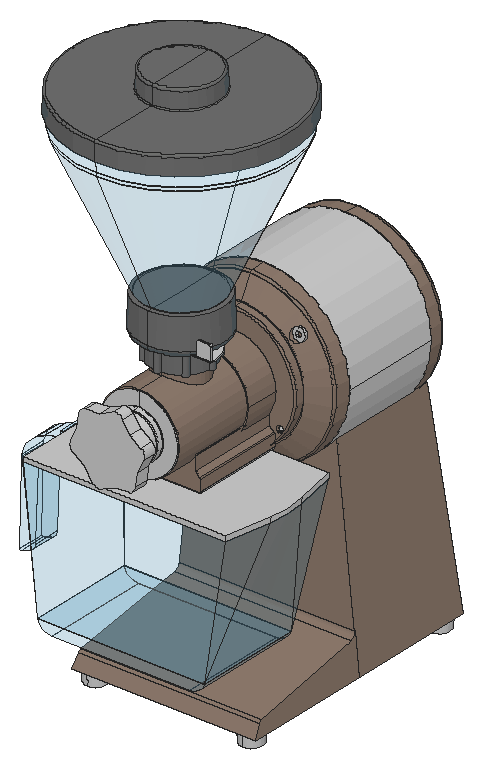
Revit family "QF_SANTOS_01P.181218024311", category Specialty Equipment, Revit 2015
Parameters (values of type "01P_230V/1Ph/50Hz")
  Volts = 230 V
  URL Cutsheet = ""
  URL = "www.santos.fr"
  Type Comments = "Easy to use and efficient, this grinder will give you a high quality grinding. Grinding adjustments: from extra fine to extra coarse. Precision grinding: Ø 63,5 mm grinding dics which are designed and manufactured by Santos for a high quality grinding, precise and fine. Powerful: commercial reliable induction motor. Hopper: 1 Kg. Capacity of the plastic drawer: 800 g (1,8 lbs). Average output: 14 Kg / hour"
  Status [instance] = ""
  Specification by User [instance] = ""
  Specification by Manufacturer [instance] = ""
  Seismic Rating = ""
  SMACNA No = ""
  Revision Code [instance] = ""
  Phase = 1
  Number of Poles = 2
  NAFEM Spec ID Number = ""
  Model = "01P"
  Min Ckt Ampacity = 0 A
  Max Overcurrent Protection = 0 A
  Masterspec = ""
  Manufacturer = "SANTOS"
  Length Actual = 210 mm
  Item Number [instance] = ""
  Installed By [instance] = ""
  Identify Quantity as Lot [instance] = no
  Height Actual = 550 mm
  HP power = " "
  Furnished By [instance] = ""
  Foodservice Equipment Identifier [instance] = no
  FL Amps = 2.61 A
  Electric power = 600 W
  Electric Connection Type [instance] = " "
  Elec Conn RI Height [instance] = 0 mm
  Elec Conn Connection Height [instance] = 10 mm
  Description = "PEPPER GRINDER WITH DRAWER 01P"
  Depth Actual = 330 mm
  Cycle = 50 Hz
  Conn Plug = " "
  Conn Conduit = no
  CSI MasterFormat = ""
  Apparent Power = 600 VA
  Accessory = no
Reference planes
  plane 1 "Center (Front/Back)": y = 0
  plane 2: z = 0
  plane 3 "Center (Left/Right)": x = 0
Forms (mm)
  Extrusion 1, solid
    sketch origin (35, -102, 10) x (1, 0, 0) y (0, 1, 0)
      loop
        line (0, 0) -> (2, 0) -> (2, 2) -> (0, 2) -> (0, 0)
    from 0 to 2
Dimensions and locks
  aligned and locked: level to plane 2
Nested families
  nested 1: "QF_SANTOS_01P_230V_1Ph_50Hz" at (0, 0, 0), type "01P_230V/1Ph/50Hz"
    with Show Logo yes, Show Clearance yes
Connectors
  electrical at (36, -100, 11), driven by "Apparent Power", driven by "Number of Poles", driven by "Volts"
    settings: on Extrusion 1, index 1, voltage 230 V, apparent load 0 VA, apparent load phase1 600 VA, apparent load phase2 0 VA, apparent load phase3 0 VA, power factor 1, load classification "Other", number of poles 2, system type 31, power factor state 1, is connector primary yes, connector utility no, sub classification motor no, connector description "Electric connection for '01P'"
Definition of nested family "QF_SANTOS_01P_230V_1Ph_50Hz"
  Parameters (values of type "01P_230V/1Ph/50Hz")
    URL = "www.santos.fr"
    Show Logo [instance] = yes
    Show Clearance [instance] = yes
    Model = "01P"
    Manufacturer = "Santos"
    Description = "PEPPER GRINDER WITH DRAWER 01P"
    Assembly Code = "E1090320"
  Reference planes
    plane 1 "Back": y = 0
    plane 2: z = 0
    plane 3 "Left": x = 0
    plane 4 "Right": x = 211.3
    plane 5 "Front": y = -334
    plane 6 "Top": z = 554.31
  Forms (mm)
    Revolve 1, solid
      sketch origin (106.313, 1.359, -0.056) x (0, -1, 0) y (0, 0, 1)
        loop
          arc (17.818, 340.945) -> (16.401, 340.504) -> (15.368, 339.439) r 3.007
          line (15.368, 339.439) -> (3.714, 319.254) -> (3.714, 259.247) -> (31.78, 259.247) -> (31.78, 341.676) -> (17.818, 340.945)
        axis (3.714, 259.247) -> (31.78, 259.247)
      angle from 0 to 360
    Extrusion 2, solid
      sketch origin (208.813, 5.779, 3.828) x (1, 0, 0) y (0, 0, 1)
        loop
          circle (-102.5, 255.362) r 82.486
      from 36.201 to 135
    Revolve 3, solid
      sketch origin (106.313, 0.109, 0.078) x (0, -1, 0) y (0, 0, 1)
        loop
          line (156.829, 320.122) -> (145.673, 339.445) -> (145.673, 259.112) -> (165.85, 259.112) -> (165.85, 317.25)
          arc (165.85, 317.25) -> (165.41, 318.313) -> (164.347, 318.753) r 1.504
          line (164.347, 318.753) -> (156.829, 318.753) -> (156.829, 320.122)
        axis (165.85, 259.112) -> (145.673, 259.112)
      angle from 0 to 360
    Revolve 4, solid
      sketch origin (106.313, 0.109, 0) x (0, -1, 0) y (0, 0, 1)
        loop
          line (143.226, 340.945) -> (129.329, 341.673) -> (129.329, 259.189) -> (145.673, 259.189) -> (145.673, 339.445)
          arc (145.673, 339.445) -> (144.64, 340.506) -> (143.226, 340.945) r 3.007
        axis (129.329, 259.189) -> (145.673, 259.189)
      angle from 0 to 360
    Revolve 5, solid
      sketch origin (181.313, 5.085, 0) x (0, -1, 0) y (0, 0, 1)
        loop
          line (254.278, 10.525) -> (243.25, 10.525) -> (243.25, 0) -> (253.911, 0) -> (254.278, 10.525)
        axis (243.25, 10.525) -> (243.25, 0)
      angle from 0 to 360
    Revolve 6, solid
      sketch origin (181.313, 231.95, 0) x (0, -1, 0) y (0, 0, 1)
        loop
          line (254.278, 10.525) -> (243.25, 10.525) -> (243.25, 0) -> (253.911, 0) -> (254.278, 10.525)
        axis (243.25, 10.525) -> (243.25, 0)
      angle from 0 to 360
    Revolve 7, solid
      sketch origin (30.725, 5.085, 0) x (0, -1, 0) y (0, 0, -1)
        loop
          line (254.278, -10.525) -> (253.911, 0) -> (243.25, 0) -> (243.25, -10.525) -> (254.278, -10.525)
        axis (243.25, -10.525) -> (243.25, 0)
      angle from 0 to 360
    Revolve 8, solid
      sketch origin (30.725, 231.95, 0) x (0, -1, 0) y (0, 0, -1)
        loop
          line (254.278, -10.525) -> (253.911, 0) -> (243.25, 0) -> (243.25, -10.525) -> (254.278, -10.525)
        axis (243.25, -10.525) -> (243.25, 0)
      angle from 0 to 360
    Extrusion 9, solid
      sketch origin (208.813, 0.109, 0) x (0, -1, 0) y (0, 0, 1)
        loop
          line (125.004, 210.549) -> (15.429, 210.549) -> (0.109, 10.525) -> (125.004, 10.525) -> (125.004, 210.549)
      from 0 to 213.974
    Extrusion 10, void
      sketch origin (208.813, 0.109, 0) x (1, 0, 0) y (0, 0, 1)
        loop
          line (-169.048, 210.549) -> (-261.86, 210.549) -> (-261.86, 10.014) -> (-192.321, 10.014) -> (-169.048, 210.549)
        loop
          line (-35.882, 210.549) -> (-14.005, 10.014) -> (55.534, 10.014) -> (55.534, 210.549) -> (-35.882, 210.549)
      from 0 to 265.428
    Extrusion 11, solid
      sketch origin (199.987, -176.328, -29.176) x (0.971625, 0.207921, -0.11276) y (-0.206534, 0.978146, 0.023969)
        loop
          line (-156.943, 160.046) -> (-158.414, 160.358) -> (-161.716, 159.285) -> (-168.08, 129.346) -> (-165.499, 127.023) -> (-164.029, 126.71) -> (-156.943, 160.046)
      from 51.831 to 108.966
    Extrusion 12, solid
      sketch origin (209.86, -27.372, 0.511) x (0, -1, 0) y (1, 0, 0)
        loop
          circle (15, -102.794) r 5
      from 7.308 to 10.014
    Extrusion 13, solid
      sketch origin (208.813, 5.361, 5.305) x (1, 0, 0) y (0, 0, 1)
        loop
          line (-80.324, 277.307) -> (-87.66, 288.319)
          arc (-87.66, 288.319) -> (-92, 291.876) -> (-97.573, 291.221) r 7.175
          line (-97.573, 291.221) -> (-109.784, 285.898) -> (-122.907, 285.054)
          arc (-122.907, 285.054) -> (-127.813, 282.713) -> (-130.377, 277.92) r 8.716
          line (-130.377, 277.92) -> (-131.833, 264.755) -> (-137.703, 252.897)
          arc (-137.703, 252.897) -> (-138.309, 247.434) -> (-135.26, 242.861) r 8.032
          line (-135.26, 242.861) -> (-124.599, 235.028) -> (-117.252, 224.005)
          arc (-117.252, 224.005) -> (-112.824, 220.75) -> (-107.339, 221.103) r 8.035
          line (-107.339, 221.103) -> (-95.216, 226.419) -> (-82.006, 227.27)
          arc (-82.006, 227.27) -> (-76.972, 229.478) -> (-74.536, 234.404) r 8.035
          line (-74.536, 234.404) -> (-73.078, 247.557) -> (-67.209, 259.427)
          arc (-67.209, 259.427) -> (-66.605, 264.89) -> (-69.653, 269.463) r 8.036
          line (-69.653, 269.463) -> (-80.324, 277.307)
      from 312.086 to 324.55
    Revolve 14, solid
      sketch origin (106.313, 0.109, -0.234) x (0, -1, 0) y (0, 0, 1)
        loop
          line (281.273, 278.72) -> (280.451, 278.72) -> (280.451, 296.424) -> (279.619, 296.424) -> (279.619, 259.424) -> (306.833, 259.424) -> (306.833, 285.693)
          arc (306.833, 285.693) -> (305.207, 281.998) -> (301.385, 280.701) r 5.012
          line (301.385, 280.701) -> (288.075, 281.865) -> (287.313, 282.504) -> (281.8, 282.793)
          arc (281.8, 282.793) -> (281.429, 282.656) -> (281.273, 282.292) r 0.501
          line (281.273, 282.292) -> (281.273, 278.72)
        axis (279.619, 259.424) -> (306.833, 259.424)
      angle from 0 to 360
    Extrusion 15, solid
      sketch origin (209.438, 0.109, 5.103) x (1, 0, 0) y (0, 0, 1)
        loop
          circle (-103.125, 254.088) r 38
      from 197.926 to 279.619
    Extrusion 16, solid
      sketch origin (209.438, 37.815, 5.103) x (1, 0, 0) y (0, 0, 1)
        loop
          circle (-103.125, 254.088) r 40
      from 203.557 to 235.633
    Extrusion 17, solid
      sketch origin (208.813, 0.109, 0) x (1, 0, 0) y (0, 0, 1)
        loop
          line (-63.907, 209.996) -> (-63.535, 211.47) -> (-63.535, 221.986)
          arc (-63.535, 221.986) -> (-63.687, 222.751) -> (-64.121, 223.4) r 2
          line (-64.121, 223.4) -> (-68.574, 227.854) -> (-68.574, 242.071)
          arc (-68.574, 242.071) -> (-102.5, 221.19) -> (-136.426, 242.071) r 38
          line (-136.426, 242.071) -> (-136.426, 227.854) -> (-140.879, 223.4)
          arc (-140.879, 223.4) -> (-141.313, 222.751) -> (-141.465, 221.986) r 2
          line (-141.465, 221.986) -> (-141.465, 211.47) -> (-141.093, 209.996) -> (-63.907, 209.996)
      from 165.85 to 255.061
    Revolve 18, solid
      sketch origin (105.65, 0.109, 0) x (0, -1, 0) y (0, 0, 1)
        loop
          line (228.498, 518.225) -> (228.498, 360.352) -> (265.338, 360.352) -> (265.744, 361.357) -> (330.746, 503.322)
          arc (330.746, 503.322) -> (331.399, 505.24) -> (331.653, 507.25) r 10.024
          line (331.653, 507.25) -> (331.921, 518.225) -> (228.498, 518.225)
        axis (228.498, 518.225) -> (228.498, 360.352)
      angle from 0 to 360
    Revolve 19, solid
      sketch origin (105.65, 0.109, 0) x (0, -1, 0) y (0, 0, 1)
        loop
          line (228.498, 554.31) -> (195.372, 554.31)
          arc (195.372, 554.31) -> (193.987, 553.736) -> (193.413, 552.351) r 1.959
          line (193.413, 552.351) -> (193.052, 537.247)
          arc (193.052, 537.247) -> (192.765, 536.554) -> (192.071, 536.267) r 0.98
          line (192.071, 536.267) -> (125.172, 536.267)
          arc (125.172, 536.267) -> (123.787, 535.693) -> (123.213, 534.308) r 1.959
          line (123.213, 534.308) -> (122.848, 518.225) -> (228.498, 518.225) -> (228.498, 554.31)
        axis (228.498, 554.31) -> (228.498, 518.225)
      angle from 0 to 360
    Extrusion 20, void
      sketch origin (208.813, 0.109, 0) x (1, 0, 0) y (0, 0, 1)
        loop
          circle (-50.977, 306.583) r 6.67
        loop
          circle (-155.343, 306.583) r 6.67
      from 149.714 to 162.559
    Extrusion 21, void
      sketch origin (208.813, 0.109, 0) x (1, 0, 0) y (0, 0, 1)
        loop
          circle (-148.626, 228.15) r 3.575
        loop
          circle (-57.694, 228.15) r 3.575
      from 160.132 to 171.809
    Extrusion 22, solid
      sketch origin (208.813, 0.109, 0) x (1, 0, 0) y (0, 0, 1)
        loop
          circle (-155.486, 306.726) r 6.25
        loop
          circle (-155.486, 306.726) r 3
        loop
          circle (-50.834, 306.726) r 6.25
        loop
          circle (-50.834, 306.726) r 3
      from 149.714 to 151.815
    Extrusion 23, solid
      sketch origin (208.813, 0.109, 0) x (1, 0, 0) y (0, 0, 1)
        loop
          circle (-148.626, 228.15) r 3.575
        loop
          circle (-148.626, 228.15) r 2.5
        loop
          circle (-57.694, 228.15) r 3.575
        loop
          circle (-57.694, 228.15) r 2.5
      from 160.132 to 163.989
    Extrusion 24, solid
      sketch origin (-2.011, -227.893, 334.535) x (-0.971625, -0.207921, 0.11276) y (-0.206534, 0.978146, 0.023969)
        loop
          line (-82.588, 158.772) -> (-86.02, 158.042) -> (-80.184, 130.589) -> (-76.753, 131.319) -> (-82.588, 158.772)
      from 231.54 to 283.663
    Extrusion 25, solid
      sketch origin (-2.011, -227.893, 334.535) x (-0.971625, -0.207921, 0.11276) y (-0.206534, 0.978146, 0.023969)
        loop
          line (-75.565, 154.628) -> (-81.442, 153.379) -> (-77.899, 136.711) -> (-72.014, 137.962)
          arc (-72.014, 137.962) -> (-70.119, 139.266) -> (-69.7, 141.528) r 3.007
          line (-69.7, 141.528) -> (-71.992, 152.313)
          arc (-71.992, 152.313) -> (-73.298, 154.212) -> (-75.565, 154.628) r 3.007
      from 241.564 to 273.64
    Extrusion 26, solid
      sketch origin (-48.829, -220.278, -0.3) x (0.993333, 0.00001, -0.115279) y (-0.115279, 0, -0.993333)
        loop
          line (55.679, -66.36) -> (51.928, -66.36) -> (53.679, -80.398) -> (53.679, -94.436) -> (55.679, -94.436) -> (55.679, -66.36)
      from 144.325 to 157.312
    Revolve 27, solid
      sketch origin (105.65, 0.109, 0) x (0, 1, 0) y (0, 0, 1)
        loop
          line (-228.498, 360.352) -> (-228.498, 324.266) -> (-193.131, 324.266)
          arc (-193.131, 324.266) -> (-188.823, 326.084) -> (-187.119, 330.438) r 6.014
          line (-187.119, 330.438) -> (-187.902, 360.352) -> (-228.498, 360.352)
        axis (-228.498, 360.352) -> (-228.498, 324.266)
      angle from 0 to 360
    Extrusion 28, solid
      sketch origin (208.813, 0.109, 0) x (0, -1, 0) y (0, 0, 1)
        loop
          line (125.004, 49.375) -> (125.004, 10.525) -> (250.3, 10.525) -> (243.71, 21.939)
          arc (243.71, 21.939) -> (242.537, 23.217) -> (240.935, 23.88) r 4.009
          line (240.935, 23.88) -> (129.981, 43.445)
          arc (129.981, 43.445) -> (126.411, 45.502) -> (125.004, 49.375) r 6.014
      from 0 to 213.974
    Extrusion 29, solid
      sketch origin (-39.187, 0.109, 0) x (1, 0, 0) y (0, 1, 0)
        loop
          arc (141.757, -199.39) -> (133.655, -201.453) -> (126.466, -205.723) r 29.273
          arc (126.466, -205.723) -> (122.082, -205.723) -> (122.082, -210.107) r 3.1
          arc (122.082, -210.107) -> (117.812, -217.296) -> (115.749, -225.398) r 29.273
          arc (115.749, -225.398) -> (112.649, -228.498) -> (115.749, -231.598) r 3.1
          arc (115.749, -231.598) -> (117.812, -239.701) -> (122.082, -246.889) r 29.273
          arc (122.082, -246.889) -> (122.082, -251.273) -> (126.466, -251.273) r 3.1
          arc (126.466, -251.273) -> (133.655, -255.543) -> (141.757, -257.607) r 29.273
          arc (141.757, -257.607) -> (144.857, -260.707) -> (147.957, -257.607) r 3.1
          arc (147.957, -257.607) -> (156.06, -255.543) -> (163.248, -251.273) r 29.273
          arc (163.248, -251.273) -> (167.632, -251.273) -> (167.632, -246.889) r 3.1
          arc (167.632, -246.889) -> (171.902, -239.701) -> (173.966, -231.598) r 29.273
          arc (173.966, -231.598) -> (177.066, -228.498) -> (173.966, -225.398) r 3.1
          arc (173.966, -225.398) -> (171.902, -217.296) -> (167.632, -210.107) r 29.273
          arc (167.632, -210.107) -> (167.632, -205.723) -> (163.248, -205.723) r 3.1
          arc (163.248, -205.723) -> (156.06, -201.453) -> (147.957, -199.39) r 29.273
          arc (147.957, -199.39) -> (144.857, -196.29) -> (141.757, -199.39) r 3.1
      from 303.217 to 324.266
    Revolve 30, solid
      sketch origin (105.65, 0.109, 0) x (0, 1, 0) y (0, 0, 1)
        loop
          line (-204.666, 303.217) -> (-228.498, 303.217) -> (-228.498, 284.872) -> (-204.666, 284.872) -> (-204.666, 303.217)
        axis (-228.498, 303.217) -> (-228.498, 284.872)
      angle from 0 to 360
    Extrusion 31, solid
      sketch origin (-39.187, 0.109, -6.02) x (1, 0, 0) y (0, 1, 0)
        loop
          line (174.786, -255.905) -> (194.786, -255.905)
          arc (194.786, -255.905) -> (193.874, -240.917) -> (185.433, -228.498) r 28.34
          arc (185.433, -228.498) -> (182.678, -243.199) -> (174.786, -255.905) r 40.596
      from 332.792 to 333.892
    Extrusion 32, solid
      sketch origin (-39.187, -339.278, 0) x (-1, 0, 0) y (0, 0, 1)
        loop
          line (-181.842, 327.872) -> (-181.842, 340.309)
          arc (-181.842, 340.309) -> (-182.428, 341.723) -> (-183.842, 342.309) r 2
          line (-183.842, 342.309) -> (-192.786, 342.309)
          arc (-192.786, 342.309) -> (-194.2, 341.723) -> (-194.786, 340.309) r 2
          line (-194.786, 340.309) -> (-194.786, 327.872) -> (-181.842, 327.872)
      from 83.482 to 85.476
    Extrusion 33, solid
      sketch origin (-39.187, -337.891, 0) x (-1, 0, 0) y (0, 0, 1)
        loop
          arc (-184.093, 209.996) -> (-183.114, 208.742) -> (-181.709, 207.996) r 3.811
          line (-181.709, 207.996) -> (-109.291, 207.996)
          arc (-109.291, 207.996) -> (-107.886, 208.742) -> (-106.907, 209.996) r 3.811
          line (-106.907, 209.996) -> (-184.093, 209.996)
      from 82.939 to 172.15
    Extrusion 34, solid, visible <- "Show Logo"
      sketch origin (31.304, -42.215, 137.648) x (0, -1, 0) y (0.115279, 0, 0.993333)
        loop
          arc (21.325, 9.448) -> (20.594, 10.803) -> (19.119, 11.245) r 2.012
          line (19.119, 11.245) -> (18.028, 11.043)
          arc (18.028, 11.043) -> (17.086, 9.601) -> (18.075, 8.19) r 1.537
          line (18.075, 8.19) -> (19.912, 7.698)
          arc (19.912, 7.698) -> (20.24, 7.476) -> (20.359, 7.098) r 0.604
          arc (20.359, 7.098) -> (19.928, 6.57) -> (19.285, 6.346) r 1.252
          arc (19.285, 6.346) -> (18.441, 6.608) -> (17.98, 7.362) r 1.252
          line (17.98, 7.362) -> (16.895, 7.345)
          arc (16.895, 7.345) -> (17.668, 5.809) -> (19.335, 5.389) r 2.065
          line (19.335, 5.389) -> (20.382, 5.583)
          arc (20.382, 5.583) -> (21.181, 6.149) -> (21.505, 7.072) r 1.615
          arc (21.505, 7.072) -> (21.296, 7.935) -> (20.675, 8.57) r 1.675
          line (20.675, 8.57) -> (18.05, 9.445)
          arc (18.05, 9.445) -> (18.541, 10.06) -> (19.311, 10.228) r 1.177
          arc (19.311, 10.228) -> (19.959, 10.042) -> (20.24, 9.43) r 0.807
          line (20.24, 9.43) -> (21.325, 9.448)
        loop
          line (23.962, 11.151) -> (21.871, 5.444) -> (23.028, 5.444) -> (23.47, 6.713) -> (25.625, 6.713) -> (26.073, 5.444) -> (27.215, 5.444) -> (25.112, 11.151) -> (23.962, 11.151)
        loop
          line (23.814, 7.712) -> (25.277, 7.712) -> (24.543, 9.792) -> (23.814, 7.712)
        loop
          line (27.753, 11.17) -> (27.753, 5.444) -> (28.845, 5.444) -> (28.845, 9.23) -> (31.203, 5.444) -> (32.378, 5.444) -> (32.378, 11.151) -> (31.292, 11.151) -> (31.292, 7.31) -> (28.885, 11.17) -> (27.753, 11.17)
        loop
          line (34.733, 10.155) -> (34.733, 5.444) -> (35.82, 5.444) -> (35.82, 10.156) -> (37.451, 10.156) -> (37.451, 11.151) -> (33.103, 11.151) -> (33.103, 10.155) -> (34.733, 10.155)
        loop
          arc (48.503, 9.448) -> (47.773, 10.803) -> (46.297, 11.245) r 2.012
          line (46.297, 11.245) -> (45.207, 11.043)
          arc (45.207, 11.043) -> (44.264, 9.601) -> (45.253, 8.19) r 1.537
          line (45.253, 8.19) -> (47.091, 7.698)
          arc (47.091, 7.698) -> (47.418, 7.476) -> (47.538, 7.098) r 0.604
          arc (47.538, 7.098) -> (47.107, 6.57) -> (46.463, 6.346) r 1.252
          arc (46.463, 6.346) -> (45.619, 6.608) -> (45.159, 7.362) r 1.252
          line (45.159, 7.362) -> (44.074, 7.345)
          arc (44.074, 7.345) -> (44.846, 5.809) -> (46.513, 5.389) r 2.065
          line (46.513, 5.389) -> (47.561, 5.583)
          arc (47.561, 5.583) -> (48.359, 6.149) -> (48.684, 7.072) r 1.615
          arc (48.684, 7.072) -> (48.475, 7.935) -> (47.854, 8.57) r 1.675
          line (47.854, 8.57) -> (45.221, 9.423)
          arc (45.221, 9.423) -> (45.71, 10.054) -> (46.489, 10.228) r 1.177
          arc (46.489, 10.228) -> (47.137, 10.042) -> (47.419, 9.43) r 0.807
          line (47.419, 9.43) -> (48.503, 9.448)
        loop
          line (40.302, 5.411) -> (41.111, 5.411)
          arc (41.111, 5.411) -> (43.417, 8.302) -> (41.111, 11.192) r 2.965
          line (41.111, 11.192) -> (40.302, 11.192)
          arc (40.302, 11.192) -> (37.992, 8.302) -> (40.302, 5.411) r 2.964
        loop
          arc (40.695, 10.266) -> (39.009, 8.298) -> (40.695, 6.33) r 1.992
          arc (40.695, 6.33) -> (42.38, 8.298) -> (40.695, 10.266) r 1.992
        loop
          arc (6.442, 13.587) -> (6.524, 11.956) -> (7.392, 10.573) r 3.236
          line (7.392, 10.573) -> (11.622, 9.023)
          arc (11.622, 9.023) -> (11.854, 8.509) -> (11.798, 7.948) r 1.089
          arc (11.798, 7.948) -> (9.486, 6.351) -> (7.174, 7.948) r 2.472
          line (7.174, 7.948) -> (6.374, 7.948)
          arc (6.374, 7.948) -> (10.112, 5.506) -> (13.779, 8.053) r 3.995
          arc (13.779, 8.053) -> (13.408, 10.328) -> (11.617, 11.779) r 3.236
          line (11.617, 11.779) -> (8.49, 12.803)
          arc (8.49, 12.803) -> (8.361, 13.249) -> (8.429, 13.708) r 1.089
          arc (8.429, 13.708) -> (10.741, 15.305) -> (13.053, 13.708) r 2.472
          line (13.053, 13.708) -> (13.853, 13.708)
          arc (13.853, 13.708) -> (10.106, 16.15) -> (6.442, 13.587) r 3.995
      from 0 to 3.309
    Extrusion 35, solid, visible <- "Show Logo"
      sketch origin (31.304, -42.215, 137.648) x (0, -1, 0) y (0.115279, 0, 0.993333)
        loop
          arc (6.374, 13.397) -> (9.993, 16.147) -> (13.843, 13.732) r 3.995
          line (13.843, 13.732) -> (13.843, 16.189) -> (6.374, 16.189) -> (6.374, 13.397)
        loop
          line (13.779, 5.076) -> (13.779, 8.053)
          arc (13.779, 8.053) -> (12.339, 6.223) -> (10.114, 5.506) r 3.995
          arc (10.114, 5.506) -> (7.871, 6.155) -> (6.374, 7.948) r 3.995
          line (6.374, 7.948) -> (6.374, 5.076) -> (13.779, 5.076)
      from 0 to 2.4
    Extrusion 36, solid, visible <- "Show Logo"
      sketch origin (31.304, -42.215, 137.648) x (0, -1, 0) y (0.115279, 0, 0.993333)
        loop
          line (0, 11.963) -> (0, 9.879)
          arc (0, 9.879) -> (1.038, 7.827) -> (2.611, 6.15) r 8.098
          arc (2.611, 6.15) -> (6.547, 3.658) -> (10.935, 2.09) r 21.099
          arc (10.935, 2.09) -> (26.773, 0) -> (42.625, 1.992) r 62.522
          arc (42.625, 1.992) -> (47.248, 3.561) -> (51.386, 6.15) r 21.099
          arc (51.386, 6.15) -> (52.995, 7.879) -> (54.036, 9.999) r 8.098
          line (54.036, 9.999) -> (54.036, 11.843)
          arc (54.036, 11.843) -> (52.995, 13.963) -> (51.386, 15.692) r 8.098
          arc (51.386, 15.692) -> (47.248, 18.281) -> (42.625, 19.85) r 21.099
          arc (42.625, 19.85) -> (26.773, 21.842) -> (10.935, 19.752) r 62.522
          arc (10.935, 19.752) -> (6.547, 18.184) -> (2.611, 15.692) r 21.099
          arc (2.611, 15.692) -> (1.038, 14.015) -> (0, 11.963) r 8.098
      from 0 to 2
    Blend 37, solid
      base sketch origin (-28.85, -3.893, 15.48) x (0, -1, 0) y (1, 0, 0)
        loop
          arc (287.681, 31.545) -> (289.46, 32.282) -> (290.197, 34.061) r 2.516
          line (290.197, 34.061) -> (290.197, 230.117) -> (246.818, 238.383)
          arc (246.818, 238.383) -> (228.097, 240.151) -> (209.377, 238.382) r 100
          line (209.377, 238.382) -> (166.014, 230.117) -> (166.014, 34.045)
          arc (166.014, 34.045) -> (166.746, 32.277) -> (168.513, 31.545) r 2.5
          line (168.513, 31.545) -> (287.681, 31.545)
      top sketch origin (-28.85, -3.893, 11.73) x (0, -1, 0) y (1, 0, 0)
        loop
          line (174.555, 201.178) -> (174.555, 39.045) -> (279.555, 39.045) -> (279.555, 201.178) -> (174.555, 201.178)
      from 189.45 to 54.037
    Extrusion 38, solid
      sketch origin (217.966, 1.732, 15.48) x (1, 0, 0) y (0, 0, 1)
        loop
          arc (-60.277, 40.057) -> (-51.414, 42.963) -> (-45.639, 50.287) r 16.14
          line (-45.639, 50.287) -> (-207.772, 50.287)
          arc (-207.772, 50.287) -> (-202.301, 42.88) -> (-193.535, 40.057) r 15.021
          line (-193.535, 40.057) -> (-60.277, 40.057)
      from 180.597 to 285.18
    Extrusion 39, solid
      sketch origin (212.878, 9.912, 11.21) x (1, 0, 0) y (0, 0, 1)
        loop
          line (-234.663, 91.284) -> (-232.202, 161.755)
          arc (-232.202, 161.755) -> (-231.196, 165.79) -> (-228.635, 169.068) r 10.003
          arc (-228.635, 169.068) -> (-224.289, 171.607) -> (-219.346, 172.557) r 14.925
          line (-219.346, 172.557) -> (-212.268, 173.193)
          arc (-212.268, 173.193) -> (-210.036, 172.47) -> (-209.011, 170.362) r 2.993
          line (-209.011, 170.362) -> (-210.181, 193.721) -> (-207.607, 193.721) -> (-207.607, 198.787) -> (-210.689, 198.787) -> (-210.907, 194.627)
          arc (-210.907, 194.627) -> (-211.589, 192.874) -> (-213.181, 191.873) r 2.999
          arc (-213.181, 191.873) -> (-219.73, 190.745) -> (-226.049, 188.689) r 46.124
          arc (-226.049, 188.689) -> (-229.823, 186.968) -> (-233.444, 184.944) r 50.675
          arc (-233.444, 184.944) -> (-237.429, 182.461) -> (-240.914, 179.315) r 26.547
          arc (-240.914, 179.315) -> (-245.564, 172.531) -> (-248.047, 164.691) r 28.06
          arc (-248.047, 164.691) -> (-248.128, 163.503) -> (-248.189, 162.314) r 70.845
          line (-248.189, 162.314) -> (-248.126, 161.097) -> (-249.987, 82.182)
          arc (-249.987, 82.182) -> (-249.586, 81.353) -> (-248.679, 81.196) r 1.008
          line (-248.679, 81.196) -> (-240.185, 83.956)
          arc (-240.185, 83.956) -> (-236.268, 86.75) -> (-234.663, 91.284) r 7.999
      from 228.606 to 255.262
    Extrusion 40, solid
      sketch origin (-48.31, -15.771, 13.663) x (1, 0, 0) y (0, 1, 0)
        loop
          line (53.581, -154.136) -> (53.581, -278.32) -> (249.577, -278.32) -> (257.843, -234.94)
          arc (257.843, -234.94) -> (259.61, -216.22) -> (257.842, -197.499) r 100
          line (257.842, -197.499) -> (249.577, -154.136) -> (53.581, -154.136)
      from 191.267 to 196.266
  Cuts and joins
    Extrusion 10 cuts Extrusion 9
    Extrusion 20, Extrusion 21 cuts Revolve 3
    Extrusion 10 cuts Extrusion 28
  Lines and regions (mm)
    symbolic lines
      curve 1: line (16.603, 0, 0) -> (194.697, 0, 0)
      curve 2: line (194.697, 0, 0) -> (194.697, -169.907, 0)
      curve 3: arc (188.387, -294.09, 0) -> (105.65, -334.04, 0) -> (22.913, -294.09, 0) r 105.65
      curve 4: line (16.603, -169.907, 0) -> (16.603, 0, 0)
      curve 5: circle (105.65, -228.39, 0) r 35.447 normal (0, 0, 1)
      curve 6: line (46.279, -2.356, 0) -> (166.321, -2.356, 0)
      curve 7: line (166.321, -2.356, 0) -> (186.506, -14.009, 0)
      curve 8: arc (186.506, -14.009, 0) -> (187.576, -15.061, 0) -> (188.002, -16.5, 0) r 2.997
      curve 9: line (188.002, -16.5, 0) -> (188.799, -30.422, 0)
      curve 10: line (188.799, -30.422, 0) -> (188.799, -129.221, 0)
      curve 11: line (188.799, -129.221, 0) -> (188.091, -142.73, 0)
      curve 12: arc (188.091, -142.73, 0) -> (187.67, -144.301, 0) -> (186.646, -145.564, 0) r 3.908
      curve 13: line (186.646, -145.564, 0) -> (177.441, -150.879, 0)
      curve 14: line (46.279, -2.356, 0) -> (26.094, -14.009, 0)
      curve 15: arc (26.094, -14.009, 0) -> (25.024, -15.061, 0) -> (24.598, -16.5, 0) r 2.997
      curve 16: line (24.598, -16.5, 0) -> (23.801, -30.422, 0)
      curve 17: line (23.801, -30.422, 0) -> (23.801, -129.221, 0)
      curve 18: line (23.801, -129.221, 0) -> (24.509, -142.73, 0)
      curve 19: arc (24.509, -142.73, 0) -> (24.93, -144.301, 0) -> (25.954, -145.564, 0) r 3.908
      curve 20: line (25.954, -145.564, 0) -> (35.159, -150.879, 0)
      curve 21: arc (2.694, -204.682, 0) -> (100.94, -122.845, 0) -> (206.085, -195.606, 0) r 105.65
      curve 22: line (16.603, -169.907, 0) -> (2.694, -169.907, 0)
      curve 23: line (2.694, -204.682, 0) -> (2.694, -169.907, 0)
      curve 24: line (2.694, -252.097, 0) -> (2.694, -294.09, 0)
      curve 25: line (22.913, -294.09, 0) -> (2.694, -294.09, 0)
      curve 26: line (1.37, -245.35, 0) -> (-37.109, -245.35, 0)
      curve 27: line (-37.109, -245.35, 0) -> (-37.109, -218.694, 0)
      curve 28: line (0.446, -218.694, 0) -> (-37.109, -218.694, 0)
      curve 29: line (188.387, -294.09, 0) -> (201.267, -294.09, 0)
      curve 30: arc (201.267, -294.09, 0) -> (205.319, -273.22, 0) -> (208.58, -252.211, 0) r 562.08
      curve 31: line (201.267, -169.907, 0) -> (194.697, -169.907, 0)
      curve 32: arc (201.267, -169.907, 0) -> (204.024, -184.188, 0) -> (206.588, -198.505, 0) r 1076.135
      curve 33: arc (1.37, -245.35, 0) -> (1.977, -248.734, 0) -> (2.694, -252.097, 0) r 105.65
      curve 34: arc (2.694, -204.682, 0) -> (1.335, -211.651, 0) -> (0.446, -218.694, 0) r 105.65
      curve 35: arc (2.694, -252.097, 0) -> (10.459, -274.223, 0) -> (22.913, -294.09, 0) r 105.65
      curve 36: arc (188.387, -294.09, 0) -> (200.815, -274.275, 0) -> (208.58, -252.211, 0) r 105.65
      curve 37: arc (206.588, -198.505, 0) -> (211.156, -225.226, 0) -> (208.58, -252.211, 0) r 102.789
  Dimensions and locks
    aligned and locked: level to plane 2
  Connectors
    electrical at (107.066, -42.372, 7.818)
      settings: on Extrusion 12, index 1, voltage 0 V, apparent load 0 VA, apparent load phase1 0 VA, apparent load phase2 0 VA, apparent load phase3 0 VA, power factor 1, load classification none, number of poles 1, system type 31, power factor state 1, is connector primary yes, connector utility no, sub classification motor no, connector description "Electrical connection"
